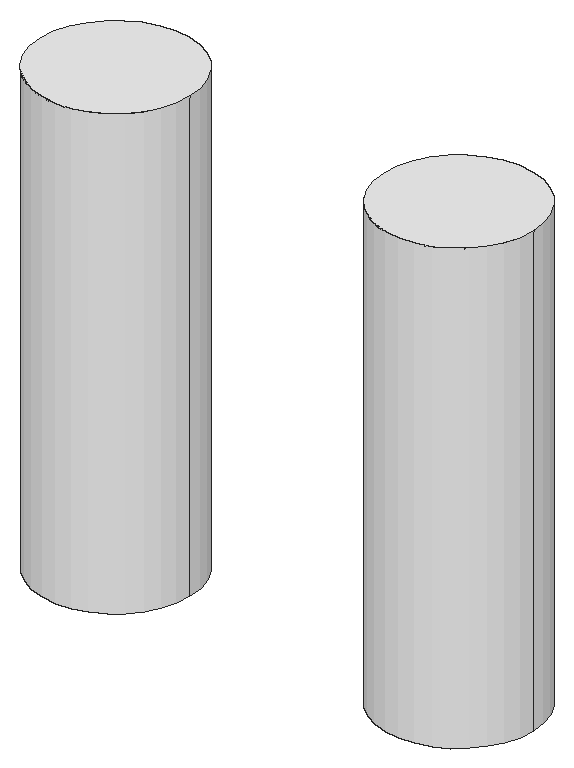
Revit family "5142229300066(2022)", category Plumbing Fixtures, Revit 2020
Family settings
  Round Connector Dimension = Use Diameter
  Part Type = Normal
  OmniClass Number = 23.45.55.00
  OmniClass Title = Sanitary Faucets, Wastes
  Work Plane-Based = No
  Always vertical = Yes
  Cut with Voids When Loaded = No
  Shared = No
  Room Calculation Point = No
Parameters (values of type "5142229300066 Washbasin faucet")
  Working Pressure = "50 - 1000 kPa "
  WarrantyStartDate [instance] = "n/a"
  WarrantyGuarantorParts = "n/a"
  WarrantyGuarantorLabor = "n/a"
  WarrantyDurationUnit = "Year"
  WarrantyDurationParts = "n/a"
  WarrantyDurationLabor = "n/a"
  WarrantyDescription = "http://warranty.hansa.com"
  Warranty Information URL = "http://warranty.hansa.com"
  VersionDate = "01/06/2023"
  Version = "1"
  ValvePattern = "n/a"
  ValveOperation = "n/a"
  ValveMechanism = "n/a"
  Uniclass2015Reference = "Pr_40_20_87_96"
  Uniclass2015Description = "Washbasin manual water supply sets"
  Uniclass2 = "Pr_40_30_96_96"
  URL UWL = "http://static.hansa.com/UWL/5142229300066"
  URL REACH = "http://static.hansa.com/doc/reach"
  URL Materials Declaration = "http://www.hansa.com/fileadmin/resources/166357_5142229300066_materialsdeclaration.pdf"
  URL Environmental Product Declaration EPD = "http://www.hansa.com/fileadmin/resources/184523_EPD_Washbasin faucet.pdf"
  URL EcoLabel Declaration = "http://static.hansa.com/doc/EcoLabel"
  URL EU Packaging Declaration = "http://static.hansa.com/doc/packaging"
  URL Declaration of SCIP = "http://static.hansa.com/doc/SCIP"
  URL Declaration of Conformity = "http://static.hansa.com/DoC/5142229300066"
  URL Declaration of Asbestos = "http://static.hansa.com/doc/asbestos"
  URL Declaration Of Performance (DOP) = "http://static.hansa.com/doc/DoP"
  URL = ""
  UNSPSC Class Number = "30181700 Faucets or taps"
  TestPressure = "n/a"
  Temperature Adjustments = "Limitation option for maximum temperature and flow-rate ;Energy saving variation - cold water in the middle position"
  Technical DataSheet URL = "http://www.hansa.com/datasheet/5142229300066/en"
  TagNumber [instance] = "n/a"
  SustainabilityPerformance = "n/a"
  Surface treatment = "Chrome"
  Spout Type = "Fixed spout"
  Spout Projection = "103 mm"
  Size = "137x48,5x137 mm"
  Shape = "Sculptured"
  SerialNumber [instance] = "n/a"
  Sales Package dimensions (LxWxH) = "540 x 146 x 59"
  Revision = "n/a"
  ReplacementCost = "n/a"
  ProductInformation = "n/a"
  Product URL = "http://static.hansa.com/5142229300066"
  Product Image URL = "http://static.hansa.com/image/5142229300066"
  Product Family = "HANSAPOLO Eco"
  Product Code = "5142229300066"
  Pressure Loss With Flow 01ls = 200000.0 Pa
  OperatingMechanismMaterial = "n/a"
  NominalWidth = 48.5 mm
  NominalHeight = 137 mm
  NominalDepth = 137 mm
  Noise Class = "I (ISO 3822) "
  Name_en = "5142229300066 Washbasin faucet"
  Name = "5142229300066 Washbasin faucet"
  NBSReference = "45-35-70/371"
  NBSDescription = "Water supply fittings for wash basins and troughs"
  Mounting Holes = "1 hole"
  ModelReference = "5142229300066"
  ModelNumber = "n/a"
  Model = "5142229300066 Washbasin faucet"
  Mobile Product Information URL = "http://mpi.hansa.com/5142229300066"
  Mechanical Parts = "ø 35 mm ceramic eco cartridge for flow and temperature control"
  Max. Hot Water Supply = 70 °C
  Material = "Brass"
  Market = "International;Germany;Austria;Belgium;Netherlands;Czech Republic;Slovakia;Italy"
  ManufacturerURL = "http://www.hansa.com"
  ManufacturerName = "HANSA"
  Manufacturer = "HANSA"
  Lever Handle = "Single operating lever/handle;Hot/Cold symbols"
  Interactive AR View URL = "https://static.hansa.com/AR/5142229300066"
  InstallationDate [instance] = "n/a"
  Installation and Maintenance Guide URL = "http://static.hansa.com/manual/5142229300066"
  Installation Type = "Deck mounted"
  InletConnectionSize = 10 mm
  IfcExportType = "FAUCET"  # constant formula
  IfcExportAs = "IfcValveType"  # constant formula
  Group = "Washbasin faucet"
  Grade = "n/a"
  FlowCoefficient = 0
  Flow Rate At 300kPa With Flow Controller = 0.01 L/s
  Flow Drawing URL = "http://static.hansa.com/flowchart/5142229300066"
  Finish = "Polished"
  Features = "Single-lever;"
  FaucetMainMaterial = Brass
  FDV Document URL = "http://www.hansa.com/datasheet/5142229300066/en/fdv"
  Extensions = "Chain holder without chain"
  ExpectedLife = "n/a"
  Excluded Items = "Without pop-up waste;Without draw-rod opening"
  Eco Flow At 300kPa = 0.07 L/s
  ETIM Class Number = "EC011328 Washbasin mixing tap"
  EN Standard = "EN 817"
  EAN Number = "4057304018374"
  DurationUnit = "Year"
  Dimension Drawing URL = "http://static.hansa.com/dimdrw/5142229300066"
  Description = ""
  DefaultElevation [instance] = 900 mm
  Default Elevation = 0 mm
  Constituents = "Single lever"
  Connection Size = "G3/8"
  Connection = "Flexible inlet pipes"
  Color = "Chrome"
  CodePerformance = "n/a"
  CloseOffRating = 0
  Catalog Drawing URL = "http://static.hansa.com/catdrw/5142229300066"
  CO2 Emissions (D) = -4.36
  CO2 Emissions (C4) = 0.05
  CO2 Emissions (C3) = 0.01
  CO2 Emissions (C2) = 0.01
  CO2 Emissions (B7) = 1260.72
  CO2 Emissions (A4) = 0.17
  CO2 Emissions (A1-A3) = 6.13
  Brand = "HANSA"
  BodyMaterial = "Brass"
  Barcode [instance] = "n/a"
  Backflow Prevention EN1717 = "AA"
  BIMObjectName = "5142229300066(2022)"
  Author = "BIMStone"
  AssetType = "Fixed"
  AssetIdentifier [instance] = "n/a"
  Aerator = "PCA® - constant flow rate regardless of pressure variations"
  Advanced Features = "Inner body made of DZR brass"
  AccessibilityPerformance = "n/a"
  3D View = "https://static.hansa.com/AR/5142229300066"
  2D/3D/BIM Files URL = "http://static.hansa.com/bim/5142229300066"
Reference planes
  plane 1 "Center (Front/Back)": y = 0
  plane 2: z = 0
  plane 3 "Center (Left/Right)": x = 0
  plane 4: x = -24.25
  plane 5: z = 1037
  plane 6: z = 900
  plane 7: z = 870
  plane 8: y = -137
  plane 9: x = 24.25
Forms (mm)
  Extrusion 1, solid, material "Brass" <- "FaucetMainMaterial"
    sketch origin (0, 0, 0) x (1, 0, 0) y (0, 1, 0)
      loop
        circle (-11.5, -22.5) r 5
      loop
        circle (11.5, -22.5) r 5
    from 870 to 900
Dimensions and locks
  "NominalHeight": plane 5 to plane 6
  "DefaultElevation": plane 6 to level
  locked: plane 6 to plane 7 at 30
  "NominalDepth": plane 8 to plane 1 "Center (Front/Back)"
  equal spacing: plane 4, plane 3 "Center (Left/Right)", plane 9
  "NominalWidth": plane 4 to plane 9
  "InletConnectionSize": diameter of Extrusion 1 sketch curve  (x2)
  aligned and locked: level to plane 2
  aligned and locked: plane 6 to Extrusion 1
  aligned and locked: Extrusion 1 to plane 7
  aligned and locked: plane 1 "Center (Front/Back)" to nested 2
  aligned and locked: plane 3 "Center (Left/Right)" to nested 2
  aligned and locked: plane 6 to nested 2
Automatic sketch dimensions
  Extrusion 1 sketch curve to plane 3 "Center (Left/Right)" = 11.5 mm
  plane 3 "Center (Left/Right)" to Extrusion 1 sketch curve = 11.5 mm
  plane 1 "Center (Front/Back)" to Extrusion 1 sketch curve = 22.5 mm  (x2)
Nested families
  nested 1: "Symbol" at (0, 0, 0), type "Symbol", detail levels coarse
  nested 2: "5142229300066(2022)_p" at (0, 0, 900), type "5142229300066(2022)_p"
Connectors
  piping at (-11.5, -22.5, 870), diameter 10, driven by "InletConnectionSize"
    settings: on Extrusion 1, index 1, connector inside diameter 609.6 mm, connector length 0 mm, flow factor 0, pipe flow 0.01 L/s, pressure drop 0.0 Pa, fitting loss kfactor 0, connector angle 0.00°, fixture units 0, engagement length 0 mm, angle of deflection 0.00°, flow configuration 1, flow direction 1, fitting loss method 0, system type 19, joint type 0, gender type 0, connector reference index -1, connector utility 0, adjustable connector no, is connector primary yes, connector description ""
  piping at (11.5, -22.5, 870), diameter 10, driven by "InletConnectionSize"
    settings: on Extrusion 1, index 2, connector inside diameter 609.6 mm, connector length 0 mm, flow factor 0, pipe flow 0.01 L/s, pressure drop 0.0 Pa, fitting loss kfactor 0, connector angle 0.00°, fixture units 0, engagement length 0 mm, angle of deflection 0.00°, flow configuration 1, flow direction 1, fitting loss method 0, system type 20, joint type 0, gender type 0, connector reference index -1, connector utility 0, adjustable connector no, is connector primary no, connector description ""
Definition of nested family "Symbol"
  Reference planes
    plane 1: y = 0
    plane 2: x = 0
  Lines and regions (mm)
    detail lines
      curve 1: line (0, 0, 0) -> (0, -1.8, 0)
      curve 2: line (-0.4, -1.1, 0) -> (0.4, -1.1, 0)
      curve 3: line (-0.4, -1.4, 0) -> (0.4, -1.4, 0)
      curve 4: line (0.863, 0, 0) -> (-0.863, 0, 0)
      curve 5: circle (-1.163, 0, 0) r 0.3 normal (0, 0, -1)
      curve 6: circle (1.163, 0, 0) r 0.3 normal (0, 0, 1)
Definition of nested family "5142229300066(2022)_p"
  Parameters (values of type "5142229300066(2022)_p")
    NominalWidth = 48.5 mm
    NominalHeight = 137 mm
    NominalDepth = 137 mm
    InletConnectionSize = 10 mm
    FaucetMainMaterial = none
    Default Elevation = 0 mm
  Reference planes
    plane 1 "Center (Front/Back)": y = 0
    plane 2: z = 0
    plane 3 "Center (Left/Right)": x = 0
    plane 4: x = -24.25
    plane 5: z = 137
    plane 6: z = 0
    plane 7: y = -137
    plane 8: x = 24.25
  Forms (mm)
    Extrusion 1, solid, material <- "FaucetMainMaterial", detail levels medium
      sketch origin (0, 0, -900) x (0, 1, 0) y (0, 0, 1)
        loop
          line (-11.837, 1037) -> (-124.122, 1037) -> (-122.074, 1028.126) -> (-62.2, 1027.177)
          arc (-62.2, 1027.177) -> (-58.651, 1025.78) -> (-57.131, 1022.282) r 4.983
          line (-57.131, 1022.282) -> (-56.683, 996.618) -> (-137, 989.601) -> (-137, 987.69) -> (-131.699, 983.242) -> (-135.856, 977.305) -> (-116.182, 963.529) -> (-114.062, 966.556) -> (-77.551, 967.193)
          arc (-77.551, 967.193) -> (-59.309, 959.809) -> (-50.685, 942.118) r 27.474
          line (-50.685, 942.118) -> (-47, 900) -> (0, 900) -> (-11.837, 1037)
      from -24.25 to 24.25
    Extrusion 2, solid, material <- "FaucetMainMaterial", detail levels coarse
      sketch origin (0, 0, -900) x (1, 0, 0) y (0, 1, 0)
        loop
          line (-24.25, 0) -> (-24.25, -137) -> (24.25, -137) -> (24.25, 0) -> (-24.25, 0)
      from 900 to 1037
  Lines and regions (mm)
    symbolic lines, detail levels medium+fine
      curve 1: line (0, 0, 0) -> (-23.5, 0, 0)
      curve 2: line (-23.5, 0, 0) -> (-23.5, 0, 98.12)
      curve 3: spline (-24.25, 0, 102.285) -> (-24.238, 0, 102.205) -> (-24.201, 0, 102.125) -> (-24.14, 0, 102.045) -> (-24.055, 0, 101.966) -> (-23.945, 0, 101.886) -> (-23.812, 0, 101.808) -> (-23.654, 0, 101.729) -> (-23.472, 0, 101.651) -> (-23.267, 0, 101.574) -> (-23.039, 0, 101.498) -> (-22.787, 0, 101.422) -> (-22.512, 0, 101.347)
      curve 4: arc (-24.25, 0, 102.285) -> (-23.247, 0, 117.942) -> (-21.807, 0, 133.565) r 561.53
      curve 5: line (-20.482, 0, 135.174) -> (-14.32, 0, 136.261)
      curve 6: arc (-14.32, 0, 136.261) -> (-9.879, 0, 136.835) -> (-5.404, 0, 137) r 48.793
      curve 7: line (-5.404, 0, 137) -> (0, 0, 137)
      curve 9: line (0, 0, 0) -> (23.5, 0, 0)
      curve 10: line (23.5, 0, 0) -> (23.5, 0, 98.12)
      curve 11: spline (24.25, 0, 102.285) -> (24.238, 0, 102.205) -> (24.201, 0, 102.125) -> (24.14, 0, 102.045) -> (24.055, 0, 101.966) -> (23.945, 0, 101.886) -> (23.812, 0, 101.808) -> (23.654, 0, 101.729) -> (23.472, 0, 101.651) -> (23.267, 0, 101.574) -> (23.039, 0, 101.498) -> (22.787, 0, 101.422) -> (22.512, 0, 101.347)
      curve 12: arc (24.249, 0, 102.311) -> (23.246, 0, 117.955) -> (21.807, 0, 133.565) r 561.53
      curve 13: line (20.482, 0, 135.174) -> (14.32, 0, 136.261)
      curve 14: arc (14.32, 0, 136.261) -> (9.879, 0, 136.835) -> (5.404, 0, 137) r 48.793
      curve 15: line (5.404, 0, 137) -> (0, 0, 137)
      curve 16: line (-22.633, 0, 98.988) -> (-22.512, 0, 101.347)
      curve 17: line (22.633, 0, 98.988) -> (22.512, 0, 101.347)
      curve 18: arc (-22.633, 0, 98.988) -> (-23.246, 0, 98.734) -> (-23.5, 0, 98.12) r 0.867
      curve 19: arc (22.633, 0, 98.988) -> (23.246, 0, 98.734) -> (23.5, 0, 98.12) r 0.867
      curve 20: arc (-20.482, 0, 135.174) -> (-21.441, 0, 134.614) -> (-21.807, 0, 133.565) r 1.605
      curve 21: arc (20.482, 0, 135.174) -> (21.441, 0, 134.614) -> (21.807, 0, 133.565) r 1.605
      curve 59: line (0, 0, 0) -> (0, -47, 0)
      curve 60: line (0, -47, 0) -> (0, -50.685, 42.118)
      curve 61: arc (0, -50.685, 42.118) -> (0, -59.309, 59.809) -> (0, -77.551, 67.193) r 27.474
      curve 62: line (0, -77.551, 67.193) -> (0, -109.985, 66.627)
      curve 63: arc (0, -109.985, 66.627) -> (0, -111.706, 66.9) -> (0, -113.23, 67.744) r 5.017
      curve 65: line (0, -136.087, 89.68) -> (0, -56.683, 96.618)
      curve 66: line (0, -56.683, 96.618) -> (0, -57.131, 122.282)
      curve 67: arc (0, -57.131, 122.282) -> (0, -58.651, 125.78) -> (0, -62.2, 127.177) r 4.983
      curve 68: line (0, -62.2, 127.177) -> (0, -118.76, 128.074)
      curve 69: arc (0, -118.76, 128.074) -> (0, -121.312, 128.98) -> (0, -122.794, 131.248) r 4.237
      curve 70: line (0, -122.794, 131.248) -> (0, -123.357, 133.686)
      curve 71: arc (0, -123.357, 133.686) -> (0, -123.101, 134.795) -> (0, -122.07, 135.277) r 1.299
      curve 72: line (0, -122.07, 135.277) -> (0, -83.546, 136.623)
      curve 73: arc (0, -83.546, 136.623) -> (0, -75.229, 136.862) -> (0, -66.91, 137) r 680.589
      curve 74: arc (0, -66.91, 137) -> (0, -40.52, 136.693) -> (0, -14.169, 135.22) r 597.328
      curve 75: arc (0, -14.169, 135.22) -> (0, -13.191, 134.767) -> (0, -12.746, 133.786) r 1.547
      curve 76: line (0, -12.746, 133.786) -> (0, -9.744, 114.834)
      curve 77: line (0, -9.744, 114.834) -> (0, -15.314, 111.619)
      curve 78: arc (0, -15.314, 111.619) -> (0, -12.568, 106.368) -> (0, -11.235, 100.594) r 23.302
      curve 79: arc (0, -137, 88.684) -> (0, -136.737, 89.36) -> (0, -136.087, 89.68) r 1
      curve 80: arc (0, -137, 88.156) -> (0, -136.906, 87.733) -> (0, -136.643, 87.39) r 1
      curve 81: line (0, -137, 88.684) -> (0, -137, 88.156)
      curve 82: line (0, -116.182, 63.529) -> (0, -135.856, 77.305)
      curve 83: line (0, -131.699, 83.242) -> (0, -135.856, 77.305)
      curve 84: line (0, -113.23, 67.744) -> (0, -116.182, 63.529)
      curve 85: line (0, -131.699, 83.242) -> (0, -136.643, 87.39)
      curve 89: line (0, -11.235, 100.594) -> (0, -8.819, 100.805)
      curve 91: line (0, -137, 0) -> (-6.831, -137, 0)
      curve 92: arc (-6.831, -137, 0) -> (-9.954, -136.71, 0) -> (-12.97, -135.849, 0) r 16.95
      curve 93: arc (-12.97, -135.849, 0) -> (-13.9, -135.32, 0) -> (-14.637, -134.545, 0) r 3.659
      curve 94: arc (-14.637, -134.545, 0) -> (-15.74, -132.603, 0) -> (-16.449, -130.485, 0) r 11.565
      curve 95: line (-16.449, -130.485, 0) -> (-22.722, -40.776, 0)
      curve 96: line (0, -137, 0) -> (6.831, -137, 0)
      curve 97: arc (6.831, -137, 0) -> (9.954, -136.71, 0) -> (12.97, -135.849, 0) r 16.95
      curve 98: arc (12.97, -135.849, 0) -> (13.9, -135.32, 0) -> (14.637, -134.545, 0) r 3.659
      curve 99: arc (14.637, -134.545, 0) -> (15.74, -132.603, 0) -> (16.449, -130.485, 0) r 11.565
      curve 100: line (16.449, -130.485, 0) -> (22.722, -40.776, 0)
      curve 102: spline (23.357, -26.09, 0) -> (23.666, -27.298, 0) -> (23.911, -28.52, 0) -> (24.09, -29.752, 0) -> (24.203, -30.993, 0) -> (24.249, -32.237, 0) -> (24.228, -33.482, 0) -> (24.141, -34.725, 0) -> (23.988, -35.961, 0) -> (23.769, -37.187, 0) -> (23.484, -38.401, 0) -> (23.135, -39.598, 0) -> (22.722, -40.776, 0)
      curve 103: arc (23.357, -26.09, 0) -> (0, 0, 0) -> (-23.357, -26.09, 0) r 23.5
      curve 112: spline (-22.722, -40.776, 0) -> (-23.135, -39.598, 0) -> (-23.484, -38.401, 0) -> (-23.769, -37.187, 0) -> (-23.988, -35.961, 0) -> (-24.141, -34.725, 0) -> (-24.228, -33.482, 0) -> (-24.249, -32.237, 0) -> (-24.203, -30.993, 0) -> (-24.09, -29.752, 0) -> (-23.911, -28.52, 0) -> (-23.666, -27.298, 0) -> (-23.357, -26.09, 0)
      curve 117: line (0, 0, 0) -> (0, -8.819, 100.805)
    symbolic lines, detail levels fine
      curve 8: spline (-22.512, 0, 101.347) -> (-19.863, 0, 100.838) -> (-16.168, 0, 100.405) -> (-11.62, 0, 100.071) -> (-6.46, 0, 99.854) -> (-0.96, 0, 99.765) -> (4.591, 0, 99.808) -> (9.899, 0, 99.982) -> (14.687, 0, 100.278) -> (18.7, 0, 100.679) -> (21.728, 0, 101.165) -> (23.611, 0, 101.71) -> (24.25, 0, 102.285)
      curve 22: line (-15.899, 0, 134.548) -> (-15.72, 0, 131.125)
      curve 23: arc (-15.72, 0, 131.125) -> (-14.393, 0, 128.344) -> (-11.489, 0, 127.315) r 4.026
      curve 24: line (-11.489, 0, 127.315) -> (0, 0, 127.315)
      curve 25: arc (-14.32, 0, 136.261) -> (-15.47, 0, 135.737) -> (-15.899, 0, 134.548) r 1.629
      curve 26: line (15.899, 0, 134.548) -> (15.72, 0, 131.125)
      curve 27: arc (15.72, 0, 131.125) -> (14.393, 0, 128.344) -> (11.489, 0, 127.315) r 4.026
      curve 28: line (11.489, 0, 127.315) -> (0, 0, 127.315)
      curve 29: arc (14.32, 0, 136.261) -> (15.47, 0, 135.737) -> (15.899, 0, 134.548) r 1.629
      curve 30: spline (-22.633, 0, 98.988) -> (-21.861, 0, 98.451) -> (-19.6, 0, 97.951) -> (-16.004, 0, 97.522) -> (-11.316, 0, 97.193) -> (-5.858, 0, 96.986) -> (0, 0, 96.915) -> (5.858, 0, 96.986) -> (11.316, 0, 97.193) -> (16.004, 0, 97.522) -> (19.6, 0, 97.951) -> (21.861, 0, 98.451) -> (22.633, 0, 98.988)
      curve 31: spline (10.604, 0, 69.362) -> (10.649, 0, 71.152) -> (9.811, 0, 72.875) -> (8.158, 0, 74.388) -> (5.828, 0, 75.566) -> (3.015, 0, 76.31) -> (-0.049, 0, 76.56) -> (-3.108, 0, 76.294) -> (-5.91, 0, 75.535) -> (-8.221, 0, 74.345) -> (-9.85, 0, 72.823) -> (-10.662, 0, 71.096) -> (-10.589, 0, 69.307)
      curve 32: line (-10.74, 0, 70.347) -> (-10.74, 0, 77.121)
      curve 33: line (10.74, 0, 70.347) -> (10.74, 0, 77.121)
      curve 34: spline (-10.74, 0, 70.633) -> (-11.115, 0, 71.144) -> (-11.425, 0, 71.671) -> (-11.668, 0, 72.211) -> (-11.842, 0, 72.761) -> (-11.948, 0, 73.317) -> (-11.983, 0, 73.877) -> (-11.948, 0, 74.437) -> (-11.842, 0, 74.993) -> (-11.668, 0, 75.543) -> (-11.425, 0, 76.083) -> (-11.115, 0, 76.61) -> (-10.74, 0, 77.121)
      curve 35: line (-11.983, 0, 73.877) -> (-11.983, 0, 76.203)
      curve 36: line (11.983, 0, 73.877) -> (11.983, 0, 76.203)
      curve 37: spline (-11.983, 0, 76.203) -> (-11.574, 0, 78.096) -> (-10.377, 0, 79.86) -> (-8.473, 0, 81.375) -> (-5.991, 0, 82.538) -> (-3.101, 0, 83.269) -> (0, 0, 83.518) -> (3.101, 0, 83.269) -> (5.991, 0, 82.538) -> (8.473, 0, 81.375) -> (10.377, 0, 79.86) -> (11.574, 0, 78.096) -> (11.983, 0, 76.203)
      curve 38: spline (-10.74, 0, 77.121) -> (-9.578, 0, 78.273) -> (-8.088, 0, 79.275) -> (-6.321, 0, 80.092) -> (-4.338, 0, 80.696) -> (-2.207, 0, 81.067) -> (0, 0, 81.192) -> (2.207, 0, 81.067) -> (4.338, 0, 80.696) -> (6.321, 0, 80.092) -> (8.088, 0, 79.275) -> (9.578, 0, 78.273) -> (10.74, 0, 77.121)
      curve 39: spline (10.74, 0, 77.121) -> (11.115, 0, 76.61) -> (11.425, 0, 76.083) -> (11.668, 0, 75.543) -> (11.842, 0, 74.993) -> (11.948, 0, 74.437) -> (11.983, 0, 73.877) -> (11.948, 0, 73.317) -> (11.842, 0, 72.761) -> (11.668, 0, 72.211) -> (11.425, 0, 71.671) -> (11.115, 0, 71.144) -> (10.74, 0, 70.633)
      curve 40: line (-23.5, 0, 98.12) -> (-17.681, 0, 88.808)
      curve 41: line (-17.681, 0, 88.808) -> (-16.86, 0, 87.495)
      curve 42: arc (-16.86, 0, 87.495) -> (-15.964, 0, 86.671) -> (-14.772, 0, 86.423) r 2.289
      curve 43: line (-3.71, 0, 87.138) -> (-14.772, 0, 86.423)
      curve 44: arc (-3.71, 0, 87.138) -> (-1.858, 0, 87.301) -> (0, 0, 87.355) r 31.816
      curve 45: line (23.5, 0, 98.12) -> (16.86, 0, 87.494)
      curve 46: arc (16.86, 0, 87.494) -> (15.963, 0, 86.67) -> (14.77, 0, 86.422) r 2.29
      curve 47: line (3.71, 0, 87.138) -> (14.77, 0, 86.422)
      curve 48: arc (3.71, 0, 87.138) -> (1.858, 0, 87.301) -> (0, 0, 87.355) r 31.816
      curve 49: line (-23.5, 0, 88.518) -> (-18.651, 0, 77.627)
      curve 50: arc (-18.651, 0, 77.627) -> (-15.357, 0, 72.753) -> (-10.589, 0, 69.307) r 16.858
      curve 51: line (23.5, 0, 88.518) -> (18.651, 0, 77.627)
      curve 52: arc (18.651, 0, 77.627) -> (15.357, 0, 72.753) -> (10.589, 0, 69.307) r 16.858
      curve 53: line (-17.103, 0, 84.092) -> (-17.368, 0, 80.229)
      curve 54: arc (-17.368, 0, 80.229) -> (-16.589, 0, 75.346) -> (-13.751, 0, 71.296) r 11.008
      curve 55: arc (-14.772, 0, 86.423) -> (-16.42, 0, 85.741) -> (-17.103, 0, 84.092) r 2.331
      curve 56: line (17.103, 0, 84.092) -> (17.368, 0, 80.229)
      curve 57: arc (17.368, 0, 80.229) -> (16.589, 0, 75.346) -> (13.751, 0, 71.296) r 11.008
      curve 58: arc (14.772, 0, 86.423) -> (16.42, 0, 85.741) -> (17.103, 0, 84.092) r 2.331
      curve 64: line (0, -113.23, 67.744) -> (0, -131.699, 83.242)
      curve 86: line (0, -15.314, 111.619) -> (0, -31.179, 102.459)
      curve 87: line (0, -56.746, 100.222) -> (0, -31.179, 102.459)
      curve 88: line (0, -56.683, 96.618) -> (0, -11.235, 100.594)
      curve 90: spline (-16.871, -49.542, 0) -> (-17.505, -48.918, 0) -> (-18.114, -48.272, 0) -> (-18.699, -47.604, 0) -> (-19.258, -46.915, 0) -> (-19.791, -46.206, 0) -> (-20.296, -45.479, 0) -> (-20.774, -44.734, 0) -> (-21.223, -43.971, 0) -> (-21.643, -43.194, 0) -> (-22.033, -42.401, 0) -> (-22.393, -41.595, 0) -> (-22.722, -40.776, 0)
      curve 101: spline (-23.357, -26.09, 0) -> (-21.412, -21.325, 0) -> (-18.468, -17.081, 0) -> (-14.662, -13.556, 0) -> (-10.172, -10.913, 0) -> (-5.207, -9.276, 0) -> (0, -8.722, 0) -> (5.207, -9.276, 0) -> (10.172, -10.913, 0) -> (14.662, -13.556, 0) -> (18.468, -17.081, 0) -> (21.412, -21.325, 0) -> (23.357, -26.09, 0)
      curve 104: line (0, -123.45, 0) -> (-5, -123.45, 0)
      curve 105: arc (-5, -123.45, 0) -> (-8.178, -122.739, 0) -> (-10.749, -120.742, 0) r 7.456
      curve 106: arc (-10.749, -120.742, 0) -> (-11.709, -119.136, 0) -> (-12.144, -117.316, 0) r 6.19
      curve 107: line (-12.144, -117.316, 0) -> (-15.964, -54.466, 0)
      curve 108: line (0, -123.45, 0) -> (5, -123.45, 0)
      curve 109: arc (5, -123.45, 0) -> (8.178, -122.739, 0) -> (10.749, -120.742, 0) r 7.456
      curve 110: arc (10.749, -120.742, 0) -> (11.709, -119.136, 0) -> (12.144, -117.316, 0) r 6.19
      curve 111: line (12.144, -117.316, 0) -> (15.964, -54.466, 0)
      curve 113: spline (22.722, -40.776, 0) -> (22.393, -41.595, 0) -> (22.033, -42.401, 0) -> (21.643, -43.194, 0) -> (21.223, -43.971, 0) -> (20.774, -44.734, 0) -> (20.296, -45.479, 0) -> (19.791, -46.206, 0) -> (19.258, -46.915, 0) -> (18.699, -47.604, 0) -> (18.114, -48.272, 0) -> (17.505, -48.918, 0) -> (16.871, -49.542, 0)
      curve 114: spline (18.875, -45.082, 0) -> (21.467, -38.062, 0) -> (21.469, -30.592, 0) -> (18.881, -23.572, 0) -> (14.014, -17.848, 0) -> (7.457, -14.112, 0) -> (0, -12.815, 0) -> (-7.457, -14.112, 0) -> (-14.014, -17.848, 0) -> (-18.881, -23.572, 0) -> (-21.469, -30.592, 0) -> (-21.467, -38.062, 0) -> (-18.875, -45.082, 0)
      curve 115: arc (-15.964, -54.466, 0) -> (-16.854, -49.598, 0) -> (-18.875, -45.082, 0) r 20.664
      curve 116: arc (15.964, -54.466, 0) -> (16.854, -49.598, 0) -> (18.875, -45.082, 0) r 20.664
      curve 118: spline (-10.589, 0, 69.307) -> (-9.881, 0, 67.912) -> (-8.633, 0, 66.65) -> (-6.911, 0, 65.59) -> (-4.812, 0, 64.791) -> (-2.448, 0, 64.297) -> (0.049, 0, 64.133) -> (2.543, 0, 64.31) -> (4.898, 0, 64.817) -> (6.986, 0, 65.627) -> (8.69, 0, 66.695) -> (9.919, 0, 67.964) -> (10.604, 0, 69.362)
  Dimensions and locks
    aligned and locked: level to plane 2
    aligned and locked: plane 6 to import instance
    aligned and locked: Extrusion 2 to plane 6
    aligned and locked: plane 5 to Extrusion 2
